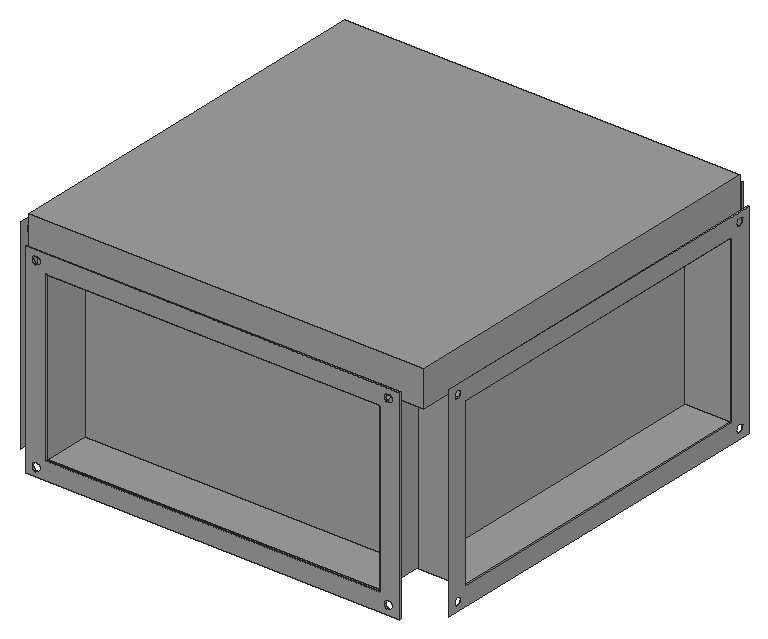
Revit family "BIMLIB_ПластинчатыйРекуператор_RHPr_SHUFT", category Оборудование, Revit 2017
Family settings
  Размер круглого соединителя = Использовать диаметр
  Тип детали = Вставляется
  На основе рабочей плоскости = Нет
  Всегда вертикально = Да
  При загрузке вырезать с полостями = Нет
  Общий = Нет
  Точка расчета площади = Нет
Parameters (values of type "RHPr 400x200")
  Повернуть УГО [instance] = yes
  Description = "Назначение: Перенос тепловой энергии между вытяжным и приточным каналами систем вентиляции при почти полном разделении воздушных потоков. Применение: Жилые, общественные и производственные помещения; Нельзя применять оборудование в системах аспирации, для перемещения воздуха с агрессивными газами,«тяжелой» пылью, мукой, клеящими примесями и т.п., а также во взрыво- и пожароопасных помещениях. Конструкция и материалы: Корпус из оцинкованной стали не менее 0,7 мм с фланцевыми соединениями; Теплообменная кассета из алюминиевых пластин толщиной 0,2 мм специальной структуры и геометрии; Съемный дренажный поддон из оцинкованной стали "  # constant formula
  Изготовитель = "ООО «Завод ВКО» марка SHUFT"  # constant formula
  Watermark [instance] = "Модели защищены уникальным кодом"
  L5 [instance] = size_lookup("RHPr", "L5", 0 mm, L1, H1)  # 448 mm
  L3 [instance] = size_lookup("RHPr", "L3", 0 mm, L1, H1)  # 514 mm
  L2 [instance] = size_lookup("RHPr", "L2", 0 mm, L1, H1)  # 422 mm
  L1 [instance] = ADSK_Размер_Ширина  # 400 mm
  URL = "http://www.shuft.ru/"
  L4 [instance] = size_lookup("RHPr", "L4", 0 mm, L1, H1)  # 474 mm
  H4 [instance] = H1 + 44 mm  # 244 mm
  H3 [instance] = size_lookup("RHPr", "H3", 0 mm, L1, H1)  # 265 mm
  H2 [instance] = size_lookup("RHPr", "H2", 0 mm, L1, H1)  # 222 mm
  H1 [instance] = ADSK_Размер_Высота  # 200 mm
  BL_Разработано = "support@bimlib.pro"  # constant formula
  BL_Email = "bimmodels@rusklimat.ru"  # constant formula
  BL_BIM library = "https://bimlib.pro/manufacturer/company/23829"
  ADSK_Расход воздуха приточный [instance] = 0.0 L/s
  ADSK_Расход воздуха вытяжной [instance] = 0.0 L/s
  ADSK_Размер_Ширина = 400 mm
  ADSK_Размер_Длина [instance] = size_lookup("RHPr", "L4", 0 mm, L1, H1)  # 474 mm
  ADSK_Размер_Высота = 200 mm
  ADSK_Примечание [instance] = ""
  ADSK_Потеря давления воздуха [instance] = 0.0 Pa
  ADSK_Позиция = ""
  ADSK_Обозначение = ""
  ADSK_Наименование [instance] = if(and(L1 = 400 mm, H1 = 200 mm), "Пластинчатый рекуператор RHPr 400x200", if(and(L1 = 500 mm, H1 = 250 mm), "Пластинчатый рекуператор RHPr 500x250", if(and(L1 = 500 mm, H1 = 300 mm), "Пластинчатый рекуператор RHPr 500x300", if(and(L1 = 600 mm, H1 = 300 mm), "Пластинчатый рекуператор RHPr 600x300", if(and(L1 = 600 mm, H1 = 350 mm), "Пластинчатый рекуператор RHPr 600x350", if(and(L1 = 700 mm, H1 = 400 mm), "Пластинчатый рекуператор RHPr 700x400", if(and(L1 = 800 mm, H1 = 500 mm), "Пластинчатый рекуператор RHPr 800x500", if(and(L1 = 900 mm, H1 = 500 mm), "Пластинчатый рекуператор RHPr 900x500", if(and(L1 = 1000 mm, H1 = 500 mm), "Пластинчатый рекуператор RHPr 100x500", "Решение не найдено")))))))))  # "Пластинчатый рекуператор RHPr 400x200"
  ADSK_Материал = BIMLIB_Сталь_SHUFT
  ADSK_Масса [instance] = 0
  ADSK_Марка [instance] = size_lookup("RHPr", "", "Нет решения", L1, H1)  # "RHPr 400x200"
  ADSK_Код изделия [instance] = ADSK_Марка  # "RHPr 400x200"
  ADSK_Завод-изготовитель = "ООО «Завод ВКО» марка SHUFT"  # constant formula
  ADSK_Единица измерения = "шт."  # constant formula
  ADSK_Версия семейства = "v.1"  # constant formula
  ADSK_Версия Revit = "2017"  # constant formula
  ADSK_URL страницы изделия = "http://www.shuft.ru/catalog/1/100637/100638/100639/"
  ADSK_URL документации изделия = "http://www.shuft.ru/upload/downloads/passport_RHPr.pdf"
Types (10, lengths in mm): name | L5 | L3 | L2 | L1 | L4 | H4 | H3 | H2 | H1 | ADSK_Размер_Ширина | ADSK_Размер_Длина | ADSK_Размер_Высота | ADSK_Наименование | ADSK_Марка | ADSK_Код изделия
  (no name) | 448 | 514 | 422 | 400 | 474 | 244 | 265 | 222 | 200 | 400 | 474 | 200 | "Пластинчатый рекуператор RHPr 400x200" | "RHPr 400x200" | "RHPr 400x200"
  RHPr 400x200 | 448 | 514 | 422 | 400 | 474 | 244 | 265 | 222 | 200 | 400 | 474 | 200 | "Пластинчатый рекуператор RHPr 400x200" | "RHPr 400x200" | "RHPr 400x200"
  RHPr 500x250 | 548 | 614 | 522 | 500 | 574 | 294 | 315 | 272 | 250 | 500 | 574 | 250 | "Пластинчатый рекуператор RHPr 500x250" | "RHPr 500x250" | "RHPr 500x250"
  RHPr 500x300 | 548 | 614 | 522 | 500 | 574 | 344 | 365 | 322 | 300 | 500 | 574 | 300 | "Пластинчатый рекуператор RHPr 500x300" | "RHPr 500x300" | "RHPr 500x300"
  RHPr 600x300 | 648 | 714 | 622 | 600 | 674 | 344 | 365 | 322 | 300 | 600 | 674 | 300 | "Пластинчатый рекуператор RHPr 600x300" | "RHPr 600x300" | "RHPr 600x300"
  RHPr 600x350 | 648 | 714 | 622 | 600 | 674 | 394 | 415 | 372 | 350 | 600 | 674 | 350 | "Пластинчатый рекуператор RHPr 600x350" | "RHPr 600x350" | "RHPr 600x350"
  RHPr 700x400 | 748 | 814 | 722 | 700 | 774 | 444 | 465 | 422 | 400 | 700 | 774 | 400 | "Пластинчатый рекуператор RHPr 700x400" | "RHPr 700x400" | "RHPr 700x400"
  RHPr 800x500 | 848 | 914 | 822 | 800 | 874 | 544 | 565 | 522 | 500 | 800 | 874 | 500 | "Пластинчатый рекуператор RHPr 800x500" | "RHPr 800x500" | "RHPr 800x500"
  RHPr 900x500 | 948 | 1014 | 922 | 900 | 974 | 544 | 565 | 522 | 500 | 900 | 974 | 500 | "Пластинчатый рекуператор RHPr 900x500" | "RHPr 900x500" | "RHPr 900x500"
  RHPr 1000x500 | 1048 | 1114 | 1022 | 1000 | 1074 | 544 | 565 | 522 | 500 | 1000 | 1074 | 500 | "Пластинчатый рекуператор RHPr 100x500" | "RHPr 1000x500" | "RHPr 1000x500"
Reference planes
  plane 1 "По центру (Вперед/Назад)": y = 0
  plane 2: z = 0
  plane 3 "По центру (Влево/Вправо)": x = 0
  plane 4: x = -237
  plane 5: x = 237
  plane 6: y = -200
  plane 7: y = 200
  plane 8: y = -224
  plane 9: y = 224
  plane 10: z = 100
  plane 11: z = -100
  plane 12: z = 122
  plane 13: z = -122
  plane 14: y = 211
  plane 15: y = -211
  plane 16: z = 111
  plane 17: z = -111
  plane 18: z = 143
  plane 19: y = -257
  plane 20: y = 257
  plane 21: y = -237
  plane 22: y = 237
  plane 23: x = -257
  plane 24: x = 257
  plane 25: x = 200
  plane 26: x = -200
  plane 27: x = -211
  plane 28: x = 211
  plane 29: x = -224
  plane 30: x = 224
Forms (mm)
  Extrusion 1, solid, material "BIMLIB_Сталь_SHUFT" <- "ADSK_Материал", detail levels medium+fine
    sketch origin (0, 0, 0) x (0, 1, 0) y (0, 0, 1)
      loop
        line (-200, 100) -> (-200, -100) -> (200, -100) -> (200, 100) -> (-200, 100)
      loop
        line (-199, 99) -> (-199, -99) -> (199, -99) -> (199, 99) -> (-199, 99)
    from -256 to 256
  Extrusion 2, solid, material "BIMLIB_Сталь_SHUFT" <- "ADSK_Материал", detail levels medium+fine
    sketch origin (0, 0, 0) x (0, 1, 0) y (0, 0, -1)
      loop
        line (-224, -122) -> (224, -122) -> (224, 122) -> (-224, 122) -> (-224, -122)
      loop
        line (-200, -100) -> (200, -100) -> (200, 100) -> (-200, 100) -> (-200, -100)
    from -257 to -256
  Extrusion 3, solid, material "BIMLIB_Сталь_SHUFT" <- "ADSK_Материал", detail levels medium+fine
    sketch origin (0, 0, 0) x (0, 1, 0) y (0, 0, 1)
      loop
        line (-224, 122) -> (-224, -122) -> (224, -122) -> (224, 122) -> (-224, 122)
      loop
        line (-200, 100) -> (-200, -100) -> (200, -100) -> (200, 100) -> (-200, 100)
    from -257 to -256
  Extrusion 4, solid, material "BIMLIB_Сталь_SHUFT" <- "ADSK_Материал", detail levels medium+fine
    sketch origin (0, 0, 0) x (0, 1, 0) y (0, 0, 1)
      loop
        line (-237, 143) -> (-237, 100) -> (237, 100) -> (237, 143) -> (-237, 143)
    from -237 to 237
  Extrusion 5, solid, material "BIMLIB_Сталь_SHUFT" <- "ADSK_Материал", detail levels medium+fine
    sketch origin (0.5, -19, 0) x (-1, 0, 0) y (0, 0, 1)
      loop
        line (-223.5, 122) -> (-223.5, -122) -> (224.5, -122) -> (224.5, 122) -> (-223.5, 122)
      loop
        line (-199.5, 100) -> (-199.5, -100) -> (200.5, -100) -> (200.5, 100) -> (-199.5, 100)
    from -237 to -238
  Extrusion 6, solid, material "BIMLIB_Сталь_SHUFT" <- "ADSK_Материал", detail levels medium+fine
    sketch origin (0.5, 19, 0) x (-1, 0, 0) y (0, 0, -1)
      loop
        line (-223.5, -122) -> (224.5, -122) -> (224.5, 122) -> (-223.5, 122) -> (-223.5, -122)
      loop
        line (-199.5, -100) -> (200.5, -100) -> (200.5, 100) -> (-199.5, 100) -> (-199.5, -100)
    from -237 to -238
  Extrusion 7, void
    sketch origin (0, 0, 0) x (1, 0, 0) y (0, 0, 1)
      loop
        circle (-211, 111) r 5
      loop
        circle (211, 111) r 5
      loop
        circle (211, -111) r 5
      loop
        circle (-211, -111) r 5
    from 256 to 257
  Extrusion 8, void
    sketch origin (0, 0, 0) x (1, 0, 0) y (0, 0, -1)
      loop
        circle (-211, -111) r 5
      loop
        circle (211, -111) r 5
      loop
        circle (211, 111) r 5
      loop
        circle (-211, 111) r 5
    from 256 to 257
  Extrusion 9, void
    sketch origin (0, 0, 0) x (0, 1, 0) y (0, 0, 1)
      loop
        circle (-211, 111) r 5
      loop
        circle (211, 111) r 5
      loop
        circle (211, -111) r 5
      loop
        circle (-211, -111) r 5
    from 256 to 257
  Extrusion 10, void
    sketch origin (0, 0, 0) x (0, 1, 0) y (0, 0, -1)
      loop
        circle (-211, -111) r 5
      loop
        circle (211, -111) r 5
      loop
        circle (211, 111) r 5
      loop
        circle (-211, 111) r 5
    from 256 to 257
  Extrusion 11, solid, material "BIMLIB_Сталь_SHUFT" <- "ADSK_Материал", detail levels medium+fine
    sketch origin (0, 0, 0) x (1, 0, 0) y (0, 0, 1)
      loop
        line (-200, 100) -> (-200, -100) -> (200, -100) -> (200, 100) -> (-200, 100)
      loop
        line (199, -99) -> (199, 99) -> (-199, 99) -> (-199, -99) -> (199, -99)
    from -256 to 256
Cuts and joins
  Extrusion 7, Extrusion 9 cuts Extrusion 4
  Extrusion 7, Extrusion 8 cuts Extrusion 5
  Extrusion 8 cuts Extrusion 6
  Extrusion 9, Extrusion 10 cuts Extrusion 2
  Extrusion 10 cuts Extrusion 3
Dimensions and locks
  "L4": plane 4 to plane 5
  equal spacing: plane 4, plane 3 "По центру (Влево/Вправо)", plane 5
  "L1": plane 6 to plane 7
  equal spacing: plane 6, plane 1 "По центру (Вперед/Назад)", plane 7
  "L5": plane 8 to plane 9
  equal spacing: plane 8, plane 1 "По центру (Вперед/Назад)", plane 9
  "H1": plane 10 to plane 11
  equal spacing: plane 10, level, plane 11
  "H4": plane 12 to plane 13
  equal spacing: plane 12, level, plane 13
  Extrusion 1 sketch curve to Extrusion 1 sketch curve = 1 mm
  locked: Extrusion 1 to Extrusion 1 at 1  (x4)
  locked: Extrusion 2 to Extrusion 2 at 1
  locked: Extrusion 3 to Extrusion 3 at 1
  "L2": plane 15 to plane 14
  equal spacing: plane 15, plane 1 "По центру (Вперед/Назад)", plane 14
  "H2": plane 16 to plane 17
  equal spacing: plane 16, level, plane 17
  "H3": plane 18 to plane 13
  "L3": plane 19 to plane 20
  equal spacing: plane 19, plane 1 "По центру (Вперед/Назад)", plane 20  (x2)
  equal spacing: plane 21, plane 1 "По центру (Вперед/Назад)", plane 22
  "L4": plane 21 to plane 22
  locked: Extrusion 5 to Extrusion 5 at 1
  locked: Extrusion 6 to Extrusion 6 at 1
  plane 21 to plane 22 = 474 mm
  plane 23 to Extrusion 5 = 33 mm
  locked: Extrusion 2 to plane 24 at 1
  equal spacing: plane 24, plane 3 "По центру (Влево/Вправо)", plane 23
  "L3": plane 24 to plane 23
  plane 5 to plane 4 = 474 mm
  "L1": plane 25 to plane 26
  equal spacing: plane 25, plane 3 "По центру (Влево/Вправо)", plane 26
  "L2": plane 28 to plane 27
  equal spacing: plane 28, plane 3 "По центру (Влево/Вправо)", plane 27
  "L5": plane 30 to plane 29
  equal spacing: plane 30, plane 3 "По центру (Влево/Вправо)", plane 29
  locked: Extrusion 11 to cut or joined group of Extrusion 5, Extrusion 7, Extrusion 8 at 1  (x3)
  locked: cut or joined group of Extrusion 5, Extrusion 7, Extrusion 8 to Extrusion 11 at 1
  equal spacing: plane 23, plane 3 "По центру (Влево/Вправо)", plane 24
  aligned and locked: level to plane 2
  aligned and locked: Extrusion 1 sketch curve to plane 10
  aligned and locked: Extrusion 1 sketch curve to plane 6
  aligned and locked: plane 11 to Extrusion 1 sketch curve
  aligned and locked: plane 7 to Extrusion 1 sketch curve
  aligned and locked: Extrusion 1 to Extrusion 2
  aligned and locked: Extrusion 2 sketch curve to Extrusion 1  (x4)
  aligned and locked: Extrusion 3 to Extrusion 1
  aligned and locked: Extrusion 4 sketch curve to plane 18
  aligned and locked: Extrusion 4 sketch curve to plane 21
  aligned and locked: plane 10 to Extrusion 4 sketch curve
  aligned and locked: plane 22 to Extrusion 4 sketch curve
  aligned and locked: Extrusion 4 to plane 4
  aligned and locked: plane 5 to Extrusion 4
  aligned and locked: Extrusion 6 to plane 29
  aligned and locked: plane 26 to Extrusion 5
  aligned and locked: plane 26 to Extrusion 6
  aligned and locked: Extrusion 5 to plane 25
  aligned and locked: Extrusion 6 to plane 25
  aligned and locked: plane 30 to Extrusion 5
  aligned and locked: plane 30 to Extrusion 6
  aligned and locked: Extrusion 5 to plane 29
  aligned and locked: Extrusion 5 to Extrusion 7  (x2)
  aligned and locked: cut or joined group of Extrusion 6, Extrusion 8 to Extrusion 8
  aligned and locked: Extrusion 2 to Extrusion 9
  aligned and locked: Extrusion 9 to Extrusion 1
  aligned and locked: Extrusion 3 to Extrusion 10
  aligned and locked: Extrusion 10 to Extrusion 1
  aligned and locked: Extrusion 11 sketch curve to cut or joined group of Extrusion 5, Extrusion 7, Extrusion 8  (x4)
  aligned and locked: Extrusion 11 to cut or joined group of Extrusion 6, Extrusion 8
  aligned and locked: Extrusion 11 to cut or joined group of Extrusion 5, Extrusion 7, Extrusion 8
  aligned and locked: plane 19 to cut or joined group of Extrusion 5, Extrusion 7, Extrusion 8
  aligned and locked: cut or joined group of Extrusion 6, Extrusion 8 to plane 20
  aligned and locked: cut or joined group of Extrusion 3, Extrusion 10 to plane 23
  aligned and locked: plane 24 to cut or joined group of Extrusion 2, Extrusion 9, Extrusion 10
  aligned and locked: plane 1 "По центру (Вперед/Назад)" to nested 1
  aligned and locked: level to nested 1
  aligned and locked: plane 3 "По центру (Влево/Вправо)" to nested 1  (x2)
Automatic sketch dimensions
  Extrusion 1 sketch curve to plane 6 = 1 mm
  plane 7 to Extrusion 1 sketch curve = 1 mm
  plane 11 to Extrusion 1 sketch curve = 1 mm
  Extrusion 2 sketch curve to plane 8 = 0 mm
  Extrusion 2 sketch curve to plane 9 = 0 mm
  Extrusion 2 sketch curve to plane 12 = 0 mm
  Extrusion 2 sketch curve to plane 13 = 0 mm
  Extrusion 3 sketch curve to plane 8 = 0 mm
  Extrusion 3 sketch curve to plane 6 = 0 mm
  Extrusion 3 sketch curve to plane 7 = 0 mm
  Extrusion 3 sketch curve to plane 9 = 0 mm
  Extrusion 3 sketch curve to plane 13 = 0 mm
  Extrusion 3 sketch curve to plane 11 = 0 mm
  Extrusion 3 sketch curve to plane 10 = 0 mm
  Extrusion 3 sketch curve to plane 12 = 0 mm
  Extrusion 5 sketch curve to plane 13 = 0 mm
  Extrusion 5 sketch curve to plane 30 = 0 mm
  Extrusion 5 sketch curve to plane 10 = 0 mm
  Extrusion 5 sketch curve to plane 25 = 0 mm
  Extrusion 5 sketch curve to plane 26 = 0 mm
  Extrusion 5 sketch curve to plane 12 = 0 mm
  Extrusion 5 sketch curve to plane 29 = 0 mm
  Extrusion 5 sketch curve to plane 11 = 0 mm
  Extrusion 6 sketch curve to plane 13 = 0 mm
  Extrusion 6 sketch curve to plane 30 = 0 mm
  Extrusion 6 sketch curve to plane 10 = 0 mm
  Extrusion 6 sketch curve to plane 25 = 0 mm
  Extrusion 6 sketch curve to plane 26 = 0 mm
  Extrusion 6 sketch curve to plane 12 = 0 mm
  Extrusion 6 sketch curve to plane 29 = 0 mm
  Extrusion 6 sketch curve to plane 11 = 0 mm
  Extrusion 7 sketch curve to plane 17 = 0 mm  (x2)
  Extrusion 7 sketch curve to plane 27 = 0 mm  (x2)
  Extrusion 7 sketch curve to plane 16 = 0 mm  (x2)
  Extrusion 7 sketch curve to plane 28 = 0 mm  (x2)
  Extrusion 8 sketch curve to plane 17 = 0 mm  (x2)
  Extrusion 8 sketch curve to plane 27 = 0 mm  (x2)
  Extrusion 8 sketch curve to plane 16 = 0 mm  (x2)
  Extrusion 8 sketch curve to plane 28 = 0 mm  (x2)
  Extrusion 9 sketch curve to plane 15 = 0 mm  (x2)
  Extrusion 9 sketch curve to plane 14 = 0 mm  (x2)
  Extrusion 9 sketch curve to plane 17 = 0 mm  (x2)
  Extrusion 9 sketch curve to plane 16 = 0 mm  (x2)
  Extrusion 10 sketch curve to plane 15 = 0 mm  (x2)
  Extrusion 10 sketch curve to plane 14 = 0 mm  (x2)
  Extrusion 10 sketch curve to plane 16 = 0 mm  (x2)
  Extrusion 10 sketch curve to plane 17 = 0 mm  (x2)
  Extrusion 11 sketch curve to level = 99 mm
  plane 3 "По центру (Влево/Вправо)" to Extrusion 11 sketch curve = 199 mm
  plane 26 to Extrusion 11 sketch curve = 1 mm
  Extrusion 11 sketch curve to plane 10 = 1 mm
  radius of Extrusion 7 sketch curve = 5 mm  (x4)
  radius of Extrusion 8 sketch curve = 5 mm  (x4)
  radius of Extrusion 9 sketch curve = 5 mm  (x4)
  radius of Extrusion 10 sketch curve = 5 mm  (x4)
Nested families
  nested 1: "BIMLIB_УГО Пластинчатого рекуператора_SHUFT" at (0, 0, 0), H <- "ADSK_Размер_Высота", L <- "L3", W <- "L3", УГО сверху <- "Повернуть УГО", type "BIMLIB_УГО Пластинчатого рекуператора_SHUFT", detail levels coarse
    with УГО спереди no, УГО сверху yes, W 514 mm, L 514 mm, H 200 mm
Connectors
  hvac at (0, 256, 0), driven by "ADSK_Размер_Высота", driven by "ADSK_Размер_Ширина", driven by "ADSK_Расход воздуха приточный", driven by "ADSK_Потеря давления воздуха"
    settings: on cut or joined group of Extrusion 6, Extrusion 8, index 1, duct flow 0.0 L/s, flow factor 0, pres drop 0.0 Pa, loss coef 0, conn angle 0.00°, conn width 400 mm, conn height 200 mm, conn diameter 609.6 mm, duct sys type 29, conn prof type 1, flow config 0, flow direction 2, loss method 0, conn ref index 3, conn util no, is conn primary no, conn desc "Приточный воздух"
  hvac at (-256, 0, 0), driven by "ADSK_Размер_Высота", driven by "ADSK_Размер_Ширина", driven by "ADSK_Расход воздуха вытяжной", driven by "ADSK_Потеря давления воздуха"
    settings: on cut or joined group of Extrusion 3, Extrusion 10, index 2, duct flow 0.0 L/s, flow factor 0, pres drop 0.0 Pa, loss coef 0, conn angle 0.00°, conn width 400 mm, conn height 200 mm, conn diameter 609.6 mm, duct sys type 29, conn prof type 1, flow config 0, flow direction 2, loss method 0, conn ref index 4, conn util no, is conn primary no, conn desc "Выброс воздуха"
  hvac at (0, -256, 0), driven by "ADSK_Размер_Высота", driven by "ADSK_Размер_Ширина", driven by "ADSK_Расход воздуха приточный", driven by "ADSK_Потеря давления воздуха"
    settings: on cut or joined group of Extrusion 5, Extrusion 7, Extrusion 8, index 3, duct flow 0.0 L/s, flow factor 0, pres drop 0.0 Pa, loss coef 0, conn angle 0.00°, conn width 400 mm, conn height 200 mm, conn diameter 609.6 mm, duct sys type 29, conn prof type 1, flow config 0, flow direction 1, loss method 0, conn ref index 1, conn util no, is conn primary no, conn desc "Забор воздуха"
  hvac at (256, 0, 0), driven by "ADSK_Размер_Высота", driven by "ADSK_Размер_Ширина", driven by "ADSK_Расход воздуха вытяжной", driven by "ADSK_Потеря давления воздуха"
    settings: on cut or joined group of Extrusion 2, Extrusion 9, Extrusion 10, index 4, duct flow 0.0 L/s, flow factor 0, pres drop 0.0 Pa, loss coef 0, conn angle 0.00°, conn width 400 mm, conn height 200 mm, conn diameter 609.6 mm, duct sys type 29, conn prof type 1, flow config 0, flow direction 1, loss method 0, conn ref index 2, conn util no, is conn primary yes, conn desc "Вытяжной воздух"
Definition of nested family "BIMLIB_УГО Пластинчатого рекуператора_SHUFT"
  Parameters (values of type "BIMLIB_УГО Пластинчатого рекуператора_SHUFT")
    УГО спереди [instance] = not(УГО сверху)  # yes
    УГО сверху [instance] = no
    W [instance] = 400 mm
    L [instance] = 500 mm
    H [instance] = 200 mm
  Reference planes
    plane 1 "По центру (Вперед/Назад)": y = 0
    plane 2: z = 0
    plane 3 "По центру (Влево/Вправо)": x = 0
    plane 4: x = 250
    plane 5: x = -250
    plane 6: y = -200
    plane 7: y = 200
    plane 8: z = -100
    plane 9: z = 100
    plane 10: x = 125
    plane 11: x = -125
    plane 12: y = 66.667
    plane 13: y = -66.667
    plane 14: y = 133.333
    plane 15: y = -133.333
    plane 16: z = 25
    plane 17: z = 50
    plane 18: z = -25
    plane 19: z = -50
  Lines and regions (mm)
    model lines, visible <- "УГО сверху", detail levels coarse
      curve 1: line (-250, 200, 0) -> (250, 200, 0)
      curve 2: line (-250, -200, 0) -> (-250, 200, 0)
      curve 3: line (250, -200, 0) -> (-250, -200, 0)
      curve 4: line (250, 200, 0) -> (250, -200, 0)
      curve 9: line (0, 200, 0) -> (-250, 0, 0)
      curve 10: line (0, -200, 0) -> (-250, 0, 0)
      curve 11: line (0, 200, 0) -> (250, 0, 0)
      curve 12: line (0, -200, 0) -> (250, 0, 0)
      curve 17: arc (-100, 100, 0) -> (0, 0, 0) -> (-100, -100, 0) r 100
      curve 18: arc (100, 100, 0) -> (0, 0, 0) -> (100, -100, 0) r 100
    model lines, visible <- "УГО спереди", detail levels coarse
      curve 5: line (-250, 0, 100) -> (250, 0, 100)
      curve 6: line (-250, 0, -100) -> (-250, 0, 100)
      curve 7: line (250, 0, -100) -> (-250, 0, -100)
      curve 8: line (250, 0, 100) -> (250, 0, -100)
      curve 13: line (0, 0, 100) -> (-250, 0, 0)
      curve 14: line (-250, 0, 0) -> (0, 0, -100)
      curve 15: line (0, 0, -100) -> (250, 0, 0)
      curve 16: line (250, 0, 0) -> (0, 0, 100)
      curve 19: arc (-50, 0, 50) -> (0, 0, 0) -> (-50, 0, -50) r 50
      curve 20: arc (50, 0, 50) -> (0, 0, 0) -> (50, 0, -50) r 50
    model lines, visible <- "УГО сверху", not visible, detail levels coarse
      curve 21: arc (-100, 100, 0) -> (0, 0, 0) -> (-100, -100, 0) r 100
      curve 22: arc (100, 100, 0) -> (0, 0, 0) -> (100, -100, 0) r 100
    model lines, visible <- "УГО спереди", not visible, detail levels coarse
      curve 23: arc (-50, 0, 50) -> (0, 0, 0) -> (-50, 0, -50) r 50
      curve 24: arc (50, 0, 50) -> (0, 0, 0) -> (50, 0, -50) r 50
    symbolic lines, detail levels coarse
      curve 25: line (250, 200, 0) -> (-250, 200, 0)
      curve 26: line (-250, 200, 0) -> (-250, -200, 0)
      curve 27: line (-250, -200, 0) -> (250, -200, 0)
      curve 28: line (250, -200, 0) -> (250, 200, 0)
      curve 29: line (0, 200, 0) -> (-250, 0, 0)
      curve 30: line (-250, 0, 0) -> (0, -200, 0)
      curve 31: line (0, -200, 0) -> (250, 0, 0)
      curve 32: line (250, 0, 0) -> (0, 200, 0)
      curve 33: arc (-100, 100, 0) -> (0, 0, 0) -> (-100, -100, 0) r 100
      curve 34: arc (100, 100, 0) -> (0, 0, 0) -> (100, -100, 0) r 100
      curve 35: line (-250, 0, 100) -> (250, 0, 100)
      curve 36: line (250, 0, 100) -> (250, 0, -100)
      curve 37: line (250, 0, -100) -> (-250, 0, -100)
      curve 38: line (-250, 0, -100) -> (-250, 0, 100)
      curve 39: line (0, 0, 100) -> (-250, 0, 0)
      curve 40: line (-250, 0, 0) -> (0, 0, -100)
      curve 41: line (0, 0, -100) -> (250, 0, 0)
      curve 42: line (250, 0, 0) -> (0, 0, 100)
      curve 43: arc (-50, 0, 50) -> (0, 0, 0) -> (-50, 0, -50) r 50
      curve 44: arc (50, 0, 50) -> (0, 0, 0) -> (50, 0, -50) r 50
    symbolic lines, not visible, detail levels coarse
      curve 45: arc (-50, 0, 50) -> (0, 0, 0) -> (-50, 0, -50) r 50
      curve 46: arc (50, 0, 50) -> (0, 0, 0) -> (50, 0, -50) r 50
      curve 47: arc (-100, 100, 0) -> (0, 0, 0) -> (-100, -100, 0) r 100
      curve 48: arc (100, 100, 0) -> (0, 0, 0) -> (100, -100, 0) r 100
  Dimensions and locks
    "L": plane 5 to plane 4
    equal spacing: plane 5, plane 3 "По центру (Влево/Вправо)", plane 4
    "W": plane 6 to plane 7
    equal spacing: plane 6, plane 1 "По центру (Вперед/Назад)", plane 7
    "H": plane 9 to plane 8
    equal spacing: plane 9, level, plane 8
    plane 6 to plane 15 to plane 13 to plane 1 "По центру (Вперед/Назад)" to plane 12 to plane 14 to plane 7 = 66.667 mm, 66.667 mm, 66.667 mm, 66.667 mm, 66.667 mm, 66.667 mm
    plane 5 to plane 11 to plane 3 "По центру (Влево/Вправо)" to plane 10 to plane 4 = 125 mm, 125 mm, 125 mm, 125 mm
    aligned and locked: level to plane 2
    aligned and locked: plane 7 to curve 1
    aligned and locked: plane 5 to curve 2
    aligned and locked: curve 3 to plane 6
    aligned and locked: curve 4 to plane 4
    aligned and locked: curve 5 to plane 9
    aligned and locked: plane 5 to curve 6
    aligned and locked: plane 8 to curve 7
    aligned and locked: curve 8 to plane 4
  Automatic sketch dimensions
    curve 17 to curve 18 = 200 mm
    curve 17 to curve 18 = 0 mm
    curve 17 to curve 17 = 100 mm
    curve 18 to curve 18 = 100 mm
    curve 19 to curve 20 = 100 mm
    curve 19 to curve 20 = 0 mm
    curve 19 to curve 19 = 50 mm
    curve 20 to curve 20 = 50 mm
    curve 21 to curve 22 = 200 mm
    curve 21 to curve 22 = 0 mm
    curve 21 to curve 21 = 100 mm
    curve 22 to curve 22 = 100 mm
    curve 23 to curve 24 = 100 mm
    curve 23 to curve 24 = 0 mm
    curve 23 to curve 23 = 50 mm
    curve 24 to curve 24 = 50 mm
    plane 1 "По центру (Вперед/Назад)" to curve 30 = 0 mm
    curve 30 to plane 5 = 0 mm
    curve 12 to plane 3 "По центру (Влево/Вправо)" = 0 mm
    curve 9 to plane 3 "По центру (Влево/Вправо)" = 0 mm
    curve 30 to plane 3 "По центру (Влево/Вправо)" = 0 mm
    curve 31 to plane 3 "По центру (Влево/Вправо)" = 0 mm
    curve 32 to plane 3 "По центру (Влево/Вправо)" = 0 mm
    curve 29 to plane 3 "По центру (Влево/Вправо)" = 0 mm
    plane 1 "По центру (Вперед/Назад)" to curve 11 = 0 mm
    plane 1 "По центру (Вперед/Назад)" to curve 12 = 0 mm
    plane 1 "По центру (Вперед/Назад)" to curve 31 = 0 mm
    plane 1 "По центру (Вперед/Назад)" to curve 29 = 0 mm
    curve 13 to plane 3 "По центру (Влево/Вправо)" = 0 mm
    curve 42 to plane 3 "По центру (Влево/Вправо)" = 0 mm
    curve 40 to plane 3 "По центру (Влево/Вправо)" = 0 mm
    curve 15 to plane 3 "По центру (Влево/Вправо)" = 0 mm
    curve 41 to plane 3 "По центру (Влево/Вправо)" = 0 mm
    curve 39 to plane 3 "По центру (Влево/Вправо)" = 0 mm
    curve 16 to level = 0 mm
    curve 42 to level = 0 mm
    curve 41 to level = 0 mm
    curve 14 to level = 0 mm
    curve 40 to level = 0 mm
    curve 39 to level = 0 mm
    curve 19 to curve 43 = 0 mm  (x4)
    curve 43 to curve 19 = 0 mm
    curve 20 to curve 44 = 0 mm  (x2)
    curve 44 to curve 20 = 0 mm
    curve 23 to curve 45 = 0 mm  (x4)
    curve 45 to curve 23 = 0 mm
    curve 24 to curve 46 = 0 mm  (x2)
    curve 46 to curve 24 = 0 mm
    curve 17 to curve 33 = 0 mm  (x4)
    curve 33 to curve 17 = 0 mm
    curve 18 to curve 34 = 0 mm  (x2)
    curve 34 to curve 18 = 0 mm
    curve 21 to curve 47 = 0 mm  (x4)
    curve 47 to curve 21 = 0 mm
    curve 22 to curve 48 = 0 mm  (x2)
    curve 48 to curve 22 = 0 mm
